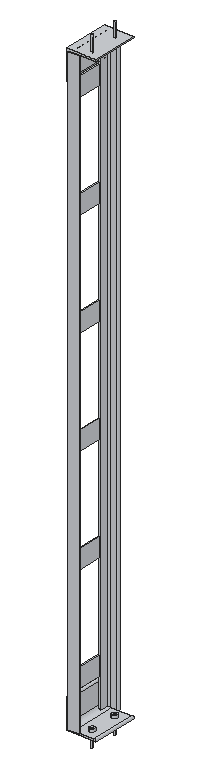
Revit family "AVLN_Усиление проема", category Обобщенные модели, Revit 2021
Family settings
  Основа = Стена
  Может служить основой для арматурных стержней = Нет
  Размер круглого соединителя = Использовать диаметр
  Тип детали = Нормальный
  Всегда вертикально = Да
  При загрузке вырезать с полостями = Нет
  Общий = Нет
  Точка принадлежности помещению = Нет
Parameters (values of type "Тип 1")
  Шаг соединительных элементов = 450 mm
  Укголок 2 = yes
  Уголок крепежный смещение = 10 mm
  Уголок 2 = Уселение - Уголок (ГОСТ 8509-93) : 50х6
  Уголок 1 = Уселение - Уголок (ГОСТ 8509-93)(Зеркальный) : 50х6 (Зеркальный)
  Соединительные детали = yes
  Смещение = 10 mm
  Смещение по высоте = 0 mm
  Пластина соединительная = Уселение - Пластина (ГОСТ 103-76) : 80х6, L=200
  Отступ соединительных элементов = ((Высота усиления - Смещение) - (([Кол-во_соединительных элементов] - 1) * Шаг соединительных элементов)) / 2  # 170 mm
  Отметка по умолчанию = 0 mm
  Крепление снизу = Усиление - Уголок (ГОСТ 8509-93)(Поворот-Зеркальный) : 125х8, L=200(Пов. 180)
  Крепление сверху = Усиление - Уголок (ГОСТ 8509-93)(Поворот-Зеркальный) : 125х8, L=200(Пов. 180)
  Крепление низ = yes
  Крепление верх = yes
  Кол-во_соединительных элементов(вспом) = if([Кол-во_соединительных элементов] > 1, [Кол-во_соединительных элементов], 2)  # 6
  Кол-во_соединительных элементов = 6
  Группа модели = "Усиление"  # constant formula
  Высота усиления = 2600 mm
  Анкер смещение горизнтальное = 75 mm
  Анкер смещение вертикальное = 40 mm
Reference planes
  plane 1 "Стена": y = 0
  plane 2 "По центру (Влево/Вправо)": x = 125
  plane 3 "Сзади": y = 100
  plane 4: y = -100
  plane 5: z = 0
  plane 6: z = 2600
  plane 7: z = 10
  plane 8: z = 1305
  plane 9: z = 630
  plane 10: z = 180
  plane 11: z = 2590
  plane 12: x = 115
  plane 13: x = 190
  plane 14: y = 60
  plane 15: y = -60
Text (mm)
  text "Сторона размещения" at (-1848.837, 1116.779, 0), in view "Опорный уровень"
  text "Сторона размещения" at (0, 2080.893, 3043.962), in view "Слева"
  text "Сторона размещения" at (0, 499.811, 2980.732), in view "Справа"
Dimensions and locks
  locked: plane 3 "Сзади" to host wall
  plane 4 to plane 3 "Сзади" = 200 mm
  "Смещение по высоте": plane 5 to level
  "Высота усиления": plane 6 to plane 5
  "Смещение": plane 7 to plane 5
  equal spacing: plane 6, plane 8, plane 7
  "Отступ соединительных элементов": plane 10 to plane 7
  "Шаг соединительных элементов": plane 9 to plane 10
  equal spacing: group 1, group 2, group 3, group 4, group 5, group 6  (x3)
  "Смещение": plane 6 to plane 11
  "Уголок крепежный смещение": plane 12 to plane 2 "По центру (Влево/Вправо)"
  "Анкер смещение горизнтальное": plane 12 to plane 13
  "Анкер смещение вертикальное": plane 14 to plane 3 "Сзади"
  "Анкер смещение вертикальное": plane 15 to plane 4
  aligned and locked: plane 1 "Стена" to host wall
  aligned and locked: plane 4 to host wall
  aligned and locked: plane 3 "Сзади" to nested 2
  aligned and locked: nested 1 to plane 4
  aligned and locked: nested 1 to plane 7
  aligned and locked: nested 2 to plane 7
  aligned and locked: plane 10 to nested 3
  aligned and locked: plane 9 to nested 4
  aligned and locked: nested 2 to plane 2 "По центру (Влево/Вправо)"
  aligned and locked: nested 1 to plane 2 "По центру (Влево/Вправо)"
  aligned and locked: nested 1 to plane 11
  aligned and locked: nested 2 to plane 11
  aligned and locked: nested 10 to plane 7
  aligned and locked: plane 11 to nested 9
  aligned and locked: nested 10 to plane 12
  aligned and locked: nested 10 to plane 3 "Сзади"
  aligned and locked: nested 9 to plane 12
  aligned and locked: plane 3 "Сзади" to nested 9
  aligned and locked: nested 14 to plane 7
  aligned and locked: nested 13 to plane 7
  aligned and locked: plane 11 to nested 12
  aligned and locked: plane 11 to nested 11
  aligned and locked: plane 13 to nested 13
  aligned and locked: plane 13 to nested 14
  aligned and locked: nested 14 to plane 15
  aligned and locked: nested 13 to plane 14
  aligned and locked: plane 14 to nested 11
  aligned and locked: plane 15 to nested 12
  aligned and locked: plane 13 to nested 12
  aligned and locked: plane 13 to nested 11
Nested families
  nested 1: "Уселение - Уголок (ГОСТ 8509-93)" at (131, -92.2, 1300) x (0, 0, -1) z (1, 0, 0), type <- "Уголок 2", visible <- "Укголок 2", type "50х6"
    with Масса 11.5326 kg, L_Длина 2580 mm
  nested 2: "Уселение - Уголок (ГОСТ 8509-93)(Зеркальный)" at (131, 107.8, 1300) x (0, 0, -1) z (1, 0, 0), type <- "Уголок 1", type "50х6 (Зеркальный)"
    with Масса 11.5326 kg, L_Длина 2580 mm
  nested 3: "Уселение - Пластина (ГОСТ 103-76)" at (125, 0, 180) x (0, -1, 0) z (1, 0, 0), type <- "Пластина соединительная", visible <- "Соединительные детали", type "80х6, L=200"
  nested 4: "Уселение - Пластина (ГОСТ 103-76)" at (125, 0, 630) x (0, -1, 0) z (1, 0, 0), type <- "Пластина соединительная", visible <- "Соединительные детали", type "80х6, L=200"
  nested 5: "Уселение - Пластина (ГОСТ 103-76)" at (125, 0, 1080) x (0, -1, 0) z (1, 0, 0), type <- "Пластина соединительная", visible <- "Соединительные детали", type "80х6, L=200"
  nested 6: "Уселение - Пластина (ГОСТ 103-76)" at (125, 0, 1530) x (0, -1, 0) z (1, 0, 0), type <- "Пластина соединительная", visible <- "Соединительные детали", type "80х6, L=200"
  nested 7: "Уселение - Пластина (ГОСТ 103-76)" at (125, 0, 1980) x (0, -1, 0) z (1, 0, 0), type <- "Пластина соединительная", visible <- "Соединительные детали", type "80х6, L=200"
  nested 8: "Уселение - Пластина (ГОСТ 103-76)" at (125, 0, 2430) x (0, -1, 0) z (1, 0, 0), type <- "Пластина соединительная", visible <- "Соединительные детали", type "80х6, L=200"
  nested 9: "Усиление - Уголок (ГОСТ 8509-93)(Поворот-Зеркальный)" at (115, 0, 2584.6) x (0, -1, 0) z (1, 0, 0), type <- "Крепление сверху", visible <- "Крепление верх", type "125х8, L=200(Пов. 180)"
  nested 10: "Усиление - Уголок (ГОСТ 8509-93)(Поворот-Зеркальный)" at (115, 0, 15.4) x (0, 1, 0) z (1, 0, 0), type <- "Крепление снизу", visible <- "Крепление низ", type "125х8, L=200(Пов. 180)"
  nested 11: "Уселение - Анкер" at (190, 54.6, 2582) x (0, 0, 1) z (1, 0, 0), visible <- "Крепление верх", type "Анкер-шпилька HSAхМ8х75"
  nested 12: "Уселение - Анкер" at (190, -65.4, 2582) x (0, 0, 1) z (1, 0, 0), visible <- "Крепление верх", type "Анкер-шпилька HSAхМ8х75"
  nested 13: "Уселение - Анкер" at (190, 65.4, 18) x (0, 0, -1) z (1, 0, 0), visible <- "Крепление низ", type "Анкер-шпилька HSAхМ8х75"
  nested 14: "Уселение - Анкер" at (190, -54.6, 18) x (0, 0, -1) z (1, 0, 0), visible <- "Крепление низ", type "Анкер-шпилька HSAхМ8х75"
Definition of nested family "Уселение - Уголок (ГОСТ 8509-93)"
  Parameters (values of type "50х6")
    Сталь по настоящему стандарту = "С245 ГОСТ 27772-88"
    Default Elevation = 1219.2 mm
    Description = "Усиление"  # constant formula
    Обозначение стандарта на сортамент = "ГОСТ 8509-93"  # constant formula
    Обозначение = "ГОСТ 8509-93"
    Наименование = ""
    Масса [instance] = size_lookup(Lookup, "Масса", 0.00 kg, b_Ширина, t_Толщина) / 1000 mm * L_Длина  # 4.6041 kg
    Model = "Элементы усиления"  # constant formula
    t_Толщина = 6 mm
    b_Ширина = 50 mm
    Lookup = "ГОСТ 8509-93. Уголки стальные горячекатаные равнополочные"  # constant formula
    L_Длина [instance] = 1030 mm
  Reference planes
    plane 1: z = 0
    plane 2 "По центру (Влево/Вправо)": x = 0
    plane 3: x = -515
    plane 4: x = 515
    plane 5: y = -7.8
  Forms (mm)
    Sweep 1, solid
      path origin (0, -7.8, -7.8) x (1, 0, 0) y (0, 1, 0)
        loop
          line (-515, 0) -> (515, 0)
      profile "Уголок (ГОСТ 8509-93)-Профиль-Высокий : Уголок (ГОСТ 8509-93)-Профиль-Высокий" origin (0, -7.8, -7.8) x (0, 1, 0) y (0, 0, 1)
        loop
          line (-6, 51.8) -> (-6, 1.8) -> (44, 1.8)
          arc (44, 1.8) -> (42.243, 6.043) -> (38, 7.8) r 6
          line (38, 7.8) -> (8.333, 7.8)
          arc (8.333, 7.8) -> (2.441, 10.241) -> (0, 16.133) r 8.333
          line (0, 16.133) -> (0, 45.8)
          arc (0, 45.8) -> (-1.757, 50.043) -> (-6, 51.8) r 6
  Dimensions and locks
    equal spacing: plane 3, plane 2 "По центру (Влево/Вправо)", plane 4
    "L_Длина": plane 3 to plane 4
    aligned and locked: plane 1 to level
    aligned and locked: Sweep 1 to plane 5
    aligned and locked: level to Sweep 1
  Automatic sketch dimensions
    Sweep 1 sketch curve to plane 3 = 0 mm
    Sweep 1 sketch curve to plane 4 = 0 mm
    Sweep 1 sketch curve to plane 5 = 0 mm
Definition of nested family "Уселение - Уголок (ГОСТ 8509-93)(Зеркальный)"
  Parameters (values of type "50х6 (Зеркальный)")
    Сталь по настоящему стандарту = "С245 ГОСТ 27772-88"
    Default Elevation = 1219.2 mm
    Description = "Усиление"  # constant formula
    Обозначение стандарта на сортамент = "ГОСТ 8509-93"  # constant formula
    Обозначение = "ГОСТ 8509-93"
    Наименование = "50x50x8 ГОСТ 8509-93"
    Масса [instance] = size_lookup(Lookup, "Масса", 0.00 kg, b_Ширина, t_Толщина) / 1000 mm * L_Длина  # 4.6041 kg
    Model = "Элементы усиления"  # constant formula
    t_Толщина = 6 mm
    b_Ширина = 50 mm
    Lookup = "ГОСТ 8509-93. Уголки стальные горячекатаные равнополочные"  # constant formula
    L_Длина [instance] = 1030 mm
  Reference planes
    plane 1: z = 0
    plane 2 "По центру (Влево/Вправо)": x = 0
    plane 3: x = -515
    plane 4: x = 515
    plane 5: y = -7.8
  Forms (mm)
    Sweep 1, solid
      path origin (0, -7.8, -7.8) x (1, 0, 0) y (0, 1, 0)
        loop
          line (-515, 0) -> (515, 0)
      profile "Уголок (ГОСТ 8509-93)-Профиль-Высокий : Уголок (ГОСТ 8509-93)-Профиль-Высокий" origin (0, -7.8, -7.8) x (0, 1, 0) y (0, 0, 1)
        loop
          arc (6, 51.8) -> (1.757, 50.043) -> (0, 45.8) r 6
          line (0, 45.8) -> (0, 16.133)
          arc (0, 16.133) -> (-2.441, 10.241) -> (-8.333, 7.8) r 8.333
          line (-8.333, 7.8) -> (-38, 7.8)
          arc (-38, 7.8) -> (-42.243, 6.043) -> (-44, 1.8) r 6
          line (-44, 1.8) -> (6, 1.8) -> (6, 51.8)
  Dimensions and locks
    equal spacing: plane 3, plane 2 "По центру (Влево/Вправо)", plane 4
    "L_Длина": plane 3 to plane 4
    aligned and locked: plane 1 to level
    aligned and locked: plane 5 to Sweep 1
    aligned and locked: level to Sweep 1
  Automatic sketch dimensions
    Sweep 1 sketch curve to plane 3 = 0 mm
    Sweep 1 sketch curve to plane 4 = 0 mm
    plane 5 to Sweep 1 sketch curve = 0 mm
Definition of nested family "Уселение - Пластина (ГОСТ 103-76)"
  Parameters (values of type "80х6, L=250")
    Сталь по настоящему стандарту = "С245 ГОСТ 27772-88"
    Default Elevation = 1219.2 mm
    Description = "Усиление"  # constant formula
    Обозначение стандарта на сортамент = "ГОСТ 103-76"  # constant formula
    Обозначение = "ГОСТ 103-76"  # constant formula
    Наименование = "250х80х6 ГОСТ 103-76"
    Масса = t_Толщина * b_Ширина * L_Длина * 7850.0000 kg/m³  # 0.942 kg
    Model = "Элементы усиления"  # constant formula
    t_Толщина = 6 mm
    b_Ширина = 80 mm
    L_Длина = 250 mm
  Types (2, lengths in mm): name | Масса | L_Длина
    80х6, L=250 | 0.942 kg | 250
    80х6, L=200 | 0.7536 kg | 200
  Reference planes
    plane 1 "По центру (Вперед/Назад)": y = 0
    plane 2: z = 0
    plane 3 "По центру (Влево/Вправо)": x = 0
    plane 4: x = -125
    plane 5: x = 125
    plane 6: y = -40
    plane 7: z = -6
    plane 8: y = 40
  Forms (mm)
    Extrusion 1, solid
      sketch origin (0, 0, 0) x (1, 0, 0) y (0, 1, 0)
        loop
          line (-125, 40) -> (-125, -40) -> (125, -40) -> (125, 40) -> (-125, 40)
      from 0 to -6
  Dimensions and locks
    equal spacing: plane 4, plane 3 "По центру (Влево/Вправо)", plane 5
    "L_Длина": plane 4 to plane 5
    "t_Толщина": level to plane 7
    equal spacing: plane 8, plane 1 "По центру (Вперед/Назад)", plane 6
    "b_Ширина": plane 8 to plane 6
    aligned and locked: plane 2 to level
    aligned and locked: plane 4 to Extrusion 1 sketch curve
    aligned and locked: plane 6 to Extrusion 1 sketch curve
    aligned and locked: Extrusion 1 sketch curve to plane 5
    aligned and locked: Extrusion 1 to plane 7
    aligned and locked: Extrusion 1 sketch curve to plane 8
Definition of nested family "Усиление - Уголок (ГОСТ 8509-93)(Поворот-Зеркальный)"
  Parameters (values of type "125х8, L=200(Пов. 180)")
    Сталь по настоящему стандарту = "С245 ГОСТ 27772-88"
    Default Elevation = 1219.2 mm
    Description = "Усиление"  # constant formula
    Обозначение стандарта на сортамент = "ГОСТ 8509-93"  # constant formula
    Обозначение = "ГОСТ 8509-93"
    Наименование = "50x50x8 ГОСТ 8509-93"
    Масса = size_lookup(Lookup, "Масса", 0.00 kg, b_Ширина, t_Толщина) / 1000 mm * L_Длина  # 3.092 kg
    Model = "Элементы усиления"  # constant formula
    t_Толщина = 8 mm
    b_Ширина = 125 mm
    Lookup = "ГОСТ 8509-93. Уголки стальные горячекатаные равнополочные"  # constant formula
    L_Длина = 200 mm
  Reference planes
    plane 1: z = 0
    plane 2 "По центру (Влево/Вправо)": x = 0
    plane 3: x = -100
    plane 4: x = 100
    plane 5: y = -5.4
  Forms (mm)
    Sweep 1, solid
      path origin (0, -13.2, 83) x (-1, 0, 0) y (0, 0, 1)
        loop
          line (-100, -75) -> (100, -75)
      profile "Уголок (ГОСТ 8509-93)-Профиль-Высокий : Уголок (ГОСТ 8509-93)-Профиль-Высокий" origin (0, -13.2, 8) x (0, 0, 1) y (0, 1, 0)
        loop
          line (-8, 124.8) -> (-8, -0.2) -> (117, -0.2)
          arc (117, -0.2) -> (114.657, 5.457) -> (109, 7.8) r 8
          line (109, 7.8) -> (20.833, 7.8)
          arc (20.833, 7.8) -> (6.102, 13.902) -> (0, 28.633) r 20.833
          line (0, 28.633) -> (0, 116.8)
          arc (0, 116.8) -> (-2.343, 122.457) -> (-8, 124.8) r 8
  Dimensions and locks
    equal spacing: plane 3, plane 2 "По центру (Влево/Вправо)", plane 4
    "L_Длина": plane 3 to plane 4
    aligned and locked: plane 1 to level
    aligned and locked: Sweep 1 to plane 5  (x3)
    aligned and locked: Sweep 1 to level
    aligned and locked: Sweep 1 to plane 3
    aligned and locked: Sweep 1 to plane 4
  Automatic sketch dimensions
    Sweep 1 sketch curve to plane 4 = 0 mm
    Sweep 1 sketch curve to plane 3 = 0 mm
    level to Sweep 1 sketch curve = 8 mm
Definition of nested family "Уселение - Анкер"
  Parameters (values of type "Анкер-шпилька HSAхМ8х75")
    Сталь по настоящему стандарту = ""
    Default Elevation = 1219.2 mm
    Description = "Элементы усиления"  # constant formula
    Обозначение стандарта на сортамент = ""
    Обозначение = ""
    Наименование = "Анкер-шпилька HSAхМ8х75"
    Масса = 0.00 kg
    Model = "Элементы усиления"  # constant formula
    t_Толщина = 8 mm
    b_Ширина = 12 mm
    Lookup = ""
    L_Длина = 75 mm
  Reference planes
    plane 1: z = 0
    plane 2 "По центру (Влево/Вправо)": x = 0
    plane 3: x = 75
    plane 4: y = -5.4
    plane 5: x = 8
  Forms (mm)
    Sweep 1, solid
      path origin (0, -5.4, -1.174) x (1, 0, 0) y (0, 0, 1)
        loop
          line (75, 1.174) -> (0, 1.174)
      profile origin (37.5, -5.4, 0) x (0, 0, -1) y (0, -1, 0)
        loop
          circle (0, 0) r 4
    Extrusion 2, solid
      sketch origin (0, -5.4, 0) x (0, -1, 0) y (0, 0, 1)
        loop
          circle (0, 0) r 4
        loop
          circle (0, 0) r 12
      from -8 to 0
  Dimensions and locks
    plane 2 "По центру (Влево/Вправо)" to plane 3 = 75 mm
    "L_Длина": plane 2 "По центру (Влево/Вправо)" to plane 3
    plane 2 "По центру (Влево/Вправо)" to plane 5 = 8 mm
    "t_Толщина": diameter of Sweep 1 sketch curve
    "t_Толщина": diameter of Extrusion 2 sketch curve
    "b_Ширина": radius of Extrusion 2 sketch curve
    aligned and locked: plane 1 to level
    aligned and locked: Sweep 1 sketch curve to plane 1
    aligned and locked: plane 2 "По центру (Влево/Вправо)" to Sweep 1 sketch curve
    aligned and locked: plane 3 to Sweep 1 sketch curve
    aligned and locked: plane 5 to Extrusion 2
    aligned and locked: Extrusion 2 to plane 2 "По центру (Влево/Вправо)"
  Automatic sketch dimensions
    Sweep 1 sketch curve to plane 4 = 0 mm
    Sweep 1 sketch curve to profile plane = 0 mm
    Extrusion 2 sketch curve to Extrusion 2 sketch curve = 0 mm  (x2)
